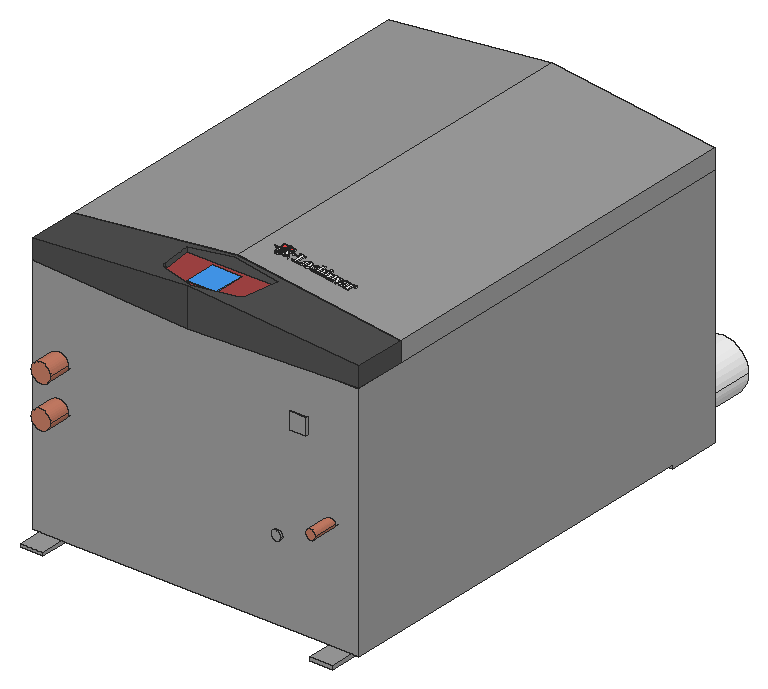
Revit family "602891Knight WHB 055-399 ATS", category Mechanical Equipment, host Face, Revit 2017
Family settings
  Host = Face
  Round Connector Dimension = Use Diameter
  Part Type = Normal
  OmniClass Number = 23.65.35.11
  OmniClass Title = Supply Water Heaters
  Cut with Voids When Loaded = No
  Shared = Yes
  Room Calculation Point = No
Parameters (values of type "WHB399N")
  Water Diameter = if(Water Connection, Cold Water Connection Diameter, 0")  # 1 1/2"
  Water Connection = yes
  Warranty Information = "15-Year Limited Warranty, 5-Year Limited Parts Warranty"  # constant formula
  Voltage = 120 V  # constant formula
  URL = "http://www.lochinvar.com/"
  Type Comments = ""
  Total Heating Capacity = 377000.0 Btu/h
  Top Water Height = if(Water Connection, 18 7/8", 9")  # 18 7/8"
  Shipping Weight = 213 lbf
  Product Page URL = "http://www.lochinvar.com/products/default.aspx?type=productline&lineid=244"
  Product Documentation Link = "http://www.lochinvar.com/_linefiles/KHBWHB%20-02.pdf"
  Price = "Prices may vary. Please consult Manufacturer Representative for most up-to-date price list."  # constant formula
  Phase = 1
  N = 23"
  Model = "WHB399N"
  Material = "Metal-Lochinvar-Steel"  # constant formula
  Manufacturer = "Lochinvar"  # constant formula
  M = L  # 2"
  L = 2"
  K = 9 1/4"
  J = 12 1/2"
  I = 8 3/4"
  Hot Water Connection Diameter = 1 1/2"
  Hot Water Connection Description = if(Water Diameter < 3/4", " ", if(Water Diameter < 1 1/8", "Top Hot Water Connection Outlet 1'' NPT", if(Water Diameter < 1 3/8", "Top Hot Water Connection Outlet 1-1/4'' NPT", "Top Hot Water Connection Outlet 1-1/2'' NPT")))  # "Top Hot Water Connection Outlet 1-1/2'' NPT"
  Hood Width = A  # 43 5/8"
  H = 3 7/8"
  Gas Supply Connection Diameter = 3/4"
  Gas Connection Description = "Gas Supply Connection 3/4\""
  G = 23"
  Fuel Type = "Natural Gas"
  Frequency = 60 Hz  # constant formula
  F = 4 1/4"
  Exhaust Air Connection Diameter = 4"
  Exhaust Air Connection Description = "Exhaust Air Connection 4\""
  E = 3 1/8"
  Drain Connection Diameter = 3/4"  # constant formula
  Bottom Water Height = if(Water Connection, 18 7/8", 9")  # 18 7/8"
  Bottom Hot Water Description = if(Water Diameter < 3/4", " ", if(Water Diameter < 1 1/8", "Bottom Hot Water Connection Outlet 1'' NPT", if(Water Diameter < 1 3/8", "Bottom Hot Water Connection Outlet 1-1/4'' NPT", "Bottom Hot Water Connection Outlet 1-1/2'' NPT")))  # "Bottom Hot Water Connection Outlet 1-1/2'' NPT"
  Bottom Cold Water Description = if(Water Diameter < 3/4", " ", if(Water Diameter < 1 1/8", "Bottom Cold Water Connection Inlet 1'' NPT", if(Water Diameter < 1 3/8", "Bottom Cold Water Connection Inlet 1-1/4'' NPT", "Bottom Cold Water Connection Inlet 1-1/2'' NPT")))  # "Bottom Cold Water Connection Inlet 1-1/2'' NPT"
  Air Intake Connection Description = "Air Intake Connection 4\""
  Description = "Knight Fire Tube Boiler"  # constant formula
  Default Elevation = 0"
  D = 34 3/8"
  Creation Date = "12/17/2018"  # constant formula
  Cold Water Connection Diameter = Hot Water Connection Diameter  # 1 1/2"
  Cold Water Connection Description = if(Water Diameter < 3/4", " ", if(Water Diameter < 1 1/8", "Top Cold Water Connection Inlet 1'' NPT", if(Water Diameter < 1 3/8", "Top Cold Water Connection Inlet 1-1/4'' NPT", "Top Cold Water Connection Inlet 1-1/2'' NPT")))  # "Top Cold Water Connection Inlet 1-1/2'' NPT"
  C = 21 7/8"
  B = 25 1/4"
  Assembly Code = "D3020100"
  Air Intake Connection Diameter = Exhaust Air Connection Diameter  # 4"
  ASME Tank Construction = yes
  A = 43 5/8"
Types (15): name | Water Diameter | Total Heating Capacity | Shipping Weight | N | Model | M | L | K | J | I | Hot Water Connection Diameter | Hot Water Connection Description | Hood Width | H | Gas Supply Connection Diameter | Gas Connection Description | G | Fuel Type | F | Exhaust Air Connection Diameter | Exhaust Air Connection Description | E | Bottom Hot Water Description | Bottom Cold Water Description | Air Intake Connection Description | D | Cold Water Connection Diameter | Cold Water Connection Description | C | B | Air Intake Connection Diameter | A
  (no name) | 1 1/2" | 377000.0 Btu/h | 213 lbf | 23" | "WHB399N" | 2" | 2" | 9 1/4" | 12 1/2" | 8 3/4" | 1 1/2" | "Top Hot Water Connection Outlet 1-1/2'' NPT" | 43 5/8" | 3 7/8" | 3/4" | "Gas Supply Connection 3/4\"" | 23" | "Natural Gas" | 4 1/4" | 4" | "Exhaust Air Connection 4\"" | 3 1/8" | "Bottom Hot Water Connection Outlet 1-1/2'' NPT" | "Bottom Cold Water Connection Inlet 1-1/2'' NPT" | "Air Intake Connection 4\"" | 34 3/8" | 1 1/2" | "Top Cold Water Connection Inlet 1-1/2'' NPT" | 21 7/8" | 25 1/4" | 4" | 43 5/8"
  WHB055N | 1" | 51000.0 Btu/h | 139 lbf | 6" | "WHB055N" | 1 1/2" | 1 1/2" | 3 1/2" | 8 7/8" | 7 1/4" | 1" | "Top Hot Water Connection Outlet 1'' NPT" | 40" | 6 1/2" | 1/2" | "Gas Supply Connection 1/2\"" | 4 1/2" | "Natural Gas" | 3 3/4" | 2" | "Exhaust Air Connection 2\"" | 8 1/2" | "Bottom Hot Water Connection Outlet 1'' NPT" | "Bottom Cold Water Connection Inlet 1'' NPT" | "Air Intake Connection 2\"" | 31 1/8" | 1" | "Top Cold Water Connection Inlet 1'' NPT" | 16" | 18 3/4" | 2" | 40"
  WHB085N | 1" | 79000.0 Btu/h | 142 lbf | 6" | "WHB085N" | 1 1/2" | 1 1/2" | 3 1/2" | 8 7/8" | 7 1/4" | 1" | "Top Hot Water Connection Outlet 1'' NPT" | 39 3/4" | 6 1/2" | 1/2" | "Gas Supply Connection 1/2\"" | 4 1/2" | "Natural Gas" | 3 3/4" | 2" | "Exhaust Air Connection 2\"" | 8 1/2" | "Bottom Hot Water Connection Outlet 1'' NPT" | "Bottom Cold Water Connection Inlet 1'' NPT" | "Air Intake Connection 2\"" | 31 1/8" | 1" | "Top Cold Water Connection Inlet 1'' NPT" | 16" | 18 3/4" | 2" | 39 3/4"
  WHB110N | 1" | 102000.0 Btu/h | 159 lbf | 4 1/2" | "WHB110N" | 1" | 1" | 5" | 8 1/2" | 11 1/2" | 1" | "Top Hot Water Connection Outlet 1'' NPT" | 41 1/4" | 5 1/4" | 1/2" | "Gas Supply Connection 1/2\"" | 5" | "Natural Gas" | 2 3/4" | 3" | "Exhaust Air Connection 3\"" | 10" | "Bottom Hot Water Connection Outlet 1'' NPT" | "Bottom Cold Water Connection Inlet 1'' NPT" | "Air Intake Connection 3\"" | 31 1/8" | 1" | "Top Cold Water Connection Inlet 1'' NPT" | 19" | 18 3/4" | 3" | 41 1/4"
  WHB155N | 1" | 144000.0 Btu/h | 166 lbf | 4 1/2" | "WHB155N" | 1" | 1" | 5" | 8 1/2" | 11 1/2" | 1" | "Top Hot Water Connection Outlet 1'' NPT" | 41 1/4" | 5 1/4" | 1/2" | "Gas Supply Connection 1/2\"" | 5" | "Natural Gas" | 2 3/4" | 3" | "Exhaust Air Connection 3\"" | 10" | "Bottom Hot Water Connection Outlet 1'' NPT" | "Bottom Cold Water Connection Inlet 1'' NPT" | "Air Intake Connection 3\"" | 31 1/8" | 1" | "Top Cold Water Connection Inlet 1'' NPT" | 19 1/8" | 18 3/4" | 3" | 41 1/4"
  WHB199N | 1 1/4" | 184000.0 Btu/h | 175 lbf | 4 1/2" | "WHB199N" | 1 1/2" | 1 1/2" | 6 1/4" | 9 1/2" | 11" | 1 1/4" | "Top Hot Water Connection Outlet 1-1/4'' NPT" | 41 1/4" | 6" | 1/2" | "Gas Supply Connection 1/2\"" | 5 1/4" | "Natural Gas" | 3" | 3" | "Exhaust Air Connection 3\"" | 10 1/2" | "Bottom Hot Water Connection Outlet 1-1/4'' NPT" | "Bottom Cold Water Connection Inlet 1-1/4'' NPT" | "Air Intake Connection 3\"" | 31 1/8" | 1 1/4" | "Top Cold Water Connection Inlet 1-1/4'' NPT" | 19 1/8" | 18 3/4" | 3" | 41 1/4"
  WHB285N | 1 1/4" | 264000.0 Btu/h | 184 lbf | 6 1/2" | "WHB285N" | 1 1/2" | 1 1/2" | 6 1/4" | 11" | 12 1/4" | 1 1/4" | "Top Hot Water Connection Outlet 1-1/4'' NPT" | 41 3/4" | 5 1/4" | 1/2" | "Gas Supply Connection 1/2\"" | 3 3/4" | "Natural Gas" | 3" | 3" | "Exhaust Air Connection 3\"" | 15" | "Bottom Hot Water Connection Outlet 1-1/4'' NPT" | "Bottom Cold Water Connection Inlet 1-1/4'' NPT" | "Air Intake Connection 3\"" | 31 1/8" | 1 1/4" | "Top Cold Water Connection Inlet 1-1/4'' NPT" | 21 1/8" | 18 3/4" | 3" | 41 3/4"
  WHB399N | 1 1/2" | 377000.0 Btu/h | 213 lbf | 23" | "WHB399N" | 2" | 2" | 9 1/4" | 12 1/2" | 8 3/4" | 1 1/2" | "Top Hot Water Connection Outlet 1-1/2'' NPT" | 43 5/8" | 3 7/8" | 3/4" | "Gas Supply Connection 3/4\"" | 23" | "Natural Gas" | 4 1/4" | 4" | "Exhaust Air Connection 4\"" | 3 1/8" | "Bottom Hot Water Connection Outlet 1-1/2'' NPT" | "Bottom Cold Water Connection Inlet 1-1/2'' NPT" | "Air Intake Connection 4\"" | 34 3/8" | 1 1/2" | "Top Cold Water Connection Inlet 1-1/2'' NPT" | 21 7/8" | 25 1/4" | 4" | 43 5/8"
  WHB055L | 1" | 51000.0 Btu/h | 139 lbf | 6" | "WHB055L" | 1 1/2" | 1 1/2" | 3 1/2" | 8 7/8" | 7 1/4" | 1" | "Top Hot Water Connection Outlet 1'' NPT" | 40" | 6 1/2" | 1/2" | "Gas Supply Connection 1/2\"" | 4 1/2" | "LP Gas" | 3 3/4" | 2" | "Exhaust Air Connection 2\"" | 8 1/2" | "Bottom Hot Water Connection Outlet 1'' NPT" | "Bottom Cold Water Connection Inlet 1'' NPT" | "Air Intake Connection 2\"" | 31 1/8" | 1" | "Top Cold Water Connection Inlet 1'' NPT" | 16" | 18 3/4" | 2" | 40"
  WHB085L | 1" | 79000.0 Btu/h | 142 lbf | 6" | "WHB085L" | 1 1/2" | 1 1/2" | 3 1/2" | 8 7/8" | 7 1/4" | 1" | "Top Hot Water Connection Outlet 1'' NPT" | 39 3/4" | 6 1/2" | 1/2" | "Gas Supply Connection 1/2\"" | 4 1/2" | "LP Gas" | 3 3/4" | 2" | "Exhaust Air Connection 2\"" | 8 1/2" | "Bottom Hot Water Connection Outlet 1'' NPT" | "Bottom Cold Water Connection Inlet 1'' NPT" | "Air Intake Connection 2\"" | 31 1/8" | 1" | "Top Cold Water Connection Inlet 1'' NPT" | 16" | 18 3/4" | 2" | 39 3/4"
  WHB110L | 1" | 102000.0 Btu/h | 159 lbf | 4 1/2" | "WHB110L" | 1" | 1" | 5" | 8 1/2" | 11 1/2" | 1" | "Top Hot Water Connection Outlet 1'' NPT" | 41 1/4" | 5 1/4" | 1/2" | "Gas Supply Connection 1/2\"" | 5" | "LP Gas" | 2 3/4" | 3" | "Exhaust Air Connection 3\"" | 10" | "Bottom Hot Water Connection Outlet 1'' NPT" | "Bottom Cold Water Connection Inlet 1'' NPT" | "Air Intake Connection 3\"" | 31 1/8" | 1" | "Top Cold Water Connection Inlet 1'' NPT" | 19" | 18 3/4" | 3" | 41 1/4"
  WHB155L | 1" | 144000.0 Btu/h | 166 lbf | 4 1/2" | "WHB155L" | 1" | 1" | 5" | 8 1/2" | 11 1/2" | 1" | "Top Hot Water Connection Outlet 1'' NPT" | 41 1/4" | 5 1/4" | 1/2" | "Gas Supply Connection 1/2\"" | 5" | "LP Gas" | 2 3/4" | 3" | "Exhaust Air Connection 3\"" | 10" | "Bottom Hot Water Connection Outlet 1'' NPT" | "Bottom Cold Water Connection Inlet 1'' NPT" | "Air Intake Connection 3\"" | 31 1/8" | 1" | "Top Cold Water Connection Inlet 1'' NPT" | 19 1/8" | 18 3/4" | 3" | 41 1/4"
  WHB199L | 1 1/4" | 184000.0 Btu/h | 175 lbf | 4 1/2" | "WHB199L" | 1 1/2" | 1 1/2" | 6 1/4" | 9 1/2" | 11" | 1 1/4" | "Top Hot Water Connection Outlet 1-1/4'' NPT" | 41 1/4" | 6" | 1/2" | "Gas Supply Connection 1/2\"" | 5 1/4" | "LP Gas" | 3" | 3" | "Exhaust Air Connection 3\"" | 10 1/2" | "Bottom Hot Water Connection Outlet 1-1/4'' NPT" | "Bottom Cold Water Connection Inlet 1-1/4'' NPT" | "Air Intake Connection 3\"" | 31 1/8" | 1 1/4" | "Top Cold Water Connection Inlet 1-1/4'' NPT" | 19 1/8" | 18 3/4" | 3" | 41 1/4"
  WHB285L | 1 1/4" | 264000.0 Btu/h | 184 lbf | 6 1/2" | "WHB285L" | 1 1/2" | 1 1/2" | 6 1/4" | 11" | 12 1/4" | 1 1/4" | "Top Hot Water Connection Outlet 1-1/4'' NPT" | 41 3/4" | 5 1/4" | 1/2" | "Gas Supply Connection 1/2\"" | 3 3/4" | "LP Gas" | 3" | 3" | "Exhaust Air Connection 3\"" | 15" | "Bottom Hot Water Connection Outlet 1-1/4'' NPT" | "Bottom Cold Water Connection Inlet 1-1/4'' NPT" | "Air Intake Connection 3\"" | 31 1/8" | 1 1/4" | "Top Cold Water Connection Inlet 1-1/4'' NPT" | 21 1/8" | 18 3/4" | 3" | 41 3/4"
  WHB399L | 1 1/2" | 377000.0 Btu/h | 213 lbf | 23" | "WHB399L" | 2" | 2" | 9 1/4" | 12 1/2" | 8 3/4" | 1 1/2" | "Top Hot Water Connection Outlet 1-1/2'' NPT" | 43 5/8" | 3 7/8" | 3/4" | "Gas Supply Connection 3/4\"" | 23" | "LP Gas" | 4 1/4" | 4" | "Exhaust Air Connection 4\"" | 3 1/8" | "Bottom Hot Water Connection Outlet 1-1/2'' NPT" | "Bottom Cold Water Connection Inlet 1-1/2'' NPT" | "Air Intake Connection 4\"" | 34 3/8" | 1 1/2" | "Top Cold Water Connection Inlet 1-1/2'' NPT" | 21 7/8" | 25 1/4" | 4" | 43 5/8"
Reference planes (in)
  plane 1 "Center (Front/Back)": y = 0
  plane 2: z = 0
  plane 3 "Center (Left/Right)": x = 0
  plane 4: z = 21.875
  plane 5: z = 12.5
  plane 6: z = 8.75
  plane 7: z = 9.25
  plane 8: x = -10.625
  plane 9: x = -10.625
  plane 10: y = 34.375
  plane 11: y = 43.625
  plane 12: z = 4.25
  plane 13: x = 10.375
  plane 14: z = 3.125
  plane 15: y = 37.88155
  plane 16: y = 3.99225
  plane 17: z = 21.19094
  plane 18: x = 10.375
  plane 19: x = -8.75
  plane 20: x = -12.625
  plane 21: x = 12.625
  plane 22: x = -12.625
  plane 23: y = 17.1875
  plane 24: y = 36.0625
  plane 25: y = -1.6875
  plane 26: x = 6.3125
  plane 27: z = 6.5
  plane 28: y = 5.99225
Forms (in)
  Extrusion 1, solid, material "Copper-Lochinvar-Polished"
    sketch origin (0, 0, 0) x (1, 0, 0) y (0, 0, 1)
      loop
        circle (-10.625, 12.5) r 0.75
    from -36.0625 to 1.6875
  Extrusion 2, solid, material "Copper-Lochinvar-Polished"
    sketch origin (0, 0, 0) x (1, 0, 0) y (0, 0, 1)
      loop
        circle (10.375, 8.75) r 0.375
    from -6.05599 to 1.86677
  Extrusion 3, solid, material "Metal-Lochinvar-Steel"
    sketch origin (0, 0, 0) x (1, 0, 0) y (0, 0, 1)
      loop
        line (-12.625, 18.875) -> (12.625, 18.875) -> (12.625, 20.375) -> (0, 21.875) -> (-12.625, 20.375) -> (-12.625, 18.875)
    from -34.375 to -4.0235
  Extrusion 4, solid, material "Metal-Lochinvar-Steel"
    sketch origin (0, 0, 0) x (1, 0, 0) y (0, 0, 1)
      loop
        line (-12.06755, 0) -> (-10.31755, 0) -> (-10.31755, 0.25) -> (-12.06755, 0.25) -> (-12.06755, 0)
      loop
        line (12.0625, 0) -> (12.0625, 0.25) -> (10.3125, 0.25) -> (10.3125, 0) -> (12.0625, 0)
    from -1.86677 to 1.86677
  Extrusion 5, solid, material "Metal-Lochinvar-Steel"
    sketch origin (0, 0, 0) x (1, 0, 0) y (0, 0, 1)
      loop
        line (12.625, 0.25) -> (12.625, 18.84375) -> (-12.625, 18.84375) -> (-12.625, 0.25) -> (12.625, 0.25)
    from -34.375 to 0
  Extrusion 6, solid, material "PVC-Lochinvar-White"
    sketch origin (0, 0, 0) x (1, 0, 0) y (0, 0, 1)
      loop
        circle (10.375, 3.125) r 2
    from -37.88155 to -34.375
  Extrusion 7, solid, material "PVC-Lochinvar-White"
    sketch origin (0, 0, 0) x (1, 0, 0) y (0, 0, 1)
      loop
        circle (-8.75, 4.25) r 2
    from -37.88155 to -34.375
  Extrusion 8, solid, material "Metal-Lochinvar-Steel"
    sketch origin (0, 0, 0) x (1, 0, 0) y (0, 0, 1)
      loop
        line (7.36569, 15.46511) -> (7.36569, 14.21511) -> (8.61569, 14.21511) -> (8.61569, 15.46511) -> (7.36569, 15.46511)
    from 0 to 0.12684
  Extrusion 9, solid, material "Metal-Lochinvar-Steel"
    sketch origin (0, 0, 0) x (0, 1, 0) y (0, 0, 1)
      loop
        line (34.375, 0.25) -> (30.29793, 0.25) -> (30.29793, 0) -> (34.375, 0) -> (34.375, 0.25)
    from -12.625 to 12.625
  Extrusion 10, solid, material "Plastic-Lochinvar-Black"
    sketch origin (0, 0, 0) x (1, 0, 0) y (0, 0, 1)
      loop
        line (0, 21.875) -> (-12.625, 20.375) -> (-12.625, 18.875) -> (12.625, 18.875) -> (12.625, 20.375) -> (0, 21.875)
    from -3.99225 to 1.86677
  Extrusion 11, void
    sketch origin (0, 0, 0) x (1, 0, 0) y (0, 1, 0)
      loop
        line (-12.625, 0) -> (-12.625, -1.86677) -> (12.625, -1.86677) -> (12.625, 0) -> (0, -0.82021) -> (-12.625, 0)
    from 18.875 to 21.875
  Blend 12, void
    base sketch origin (0, 0, 0) x (1, 0, 0) y (0, 1, 0)
      loop
        line (-3.41902, 3.40254) -> (-3.07932, 0.98538)
        arc (-3.07932, 0.98538) -> (-2.99294, 0.78673) -> (-2.81659, 0.66094) r 0.40528
        line (-2.81659, 0.66094) -> (0, -0.36421) -> (2.81596, 0.66074)
        arc (2.81596, 0.66074) -> (2.99273, 0.78683) -> (3.07932, 0.98596) r 0.40625
        line (3.07932, 0.98596) -> (3.41902, 3.40254) -> (-3.41902, 3.40254)
    top sketch origin (0, 0, 0) x (1, 0, 0) y (0, 1, 0)
      loop
        line (-3.70662, 3.65254) -> (-3.32688, 0.95059)
        arc (-3.32688, 0.95059) -> (-3.18723, 0.6294) -> (-2.9021, 0.42602) r 0.65528
        line (-2.9021, 0.42602) -> (0, -0.63026) -> (2.90148, 0.42582)
        arc (2.90148, 0.42582) -> (3.18702, 0.6295) -> (3.32688, 0.95114) r 0.65625
        line (3.32688, 0.95114) -> (3.70663, 3.65254) -> (-3.70662, 3.65254)
    from 21.19094 to 21.875
  Extrusion 13, solid, material "Paint-Lochinvar-Blue"
    sketch origin (0, 0, 0) x (1, 0, 0) y (0, 1, 0)
      loop
        line (-1.12896, 3.04091) -> (-1.12896, 0.54091) -> (1.12896, 0.54091) -> (1.12896, 3.04091) -> (-1.12896, 3.04091)
    from 21.19094 to 21.22261
  Extrusion 14, solid, material "Copper-Lochinvar-Polished"
    sketch origin (0, 0, -6) x (1, 0, 0) y (0, 0, 1)
      loop
        circle (-10.625, 15.25) r 0.75
    from -36.0625 to 1.6875
  Extrusion 15, solid, material "Metal-Lochinvar-Steel"
    sketch origin (0, 0, 0) x (1, 0, 0) y (0, 0, 1)
      loop
        circle (6.3125, 6.5) r 0.375
    from -17.1875 to 0.12684
  Extrusion 16, solid, material "Metal-Lochinvar-Steel"
    sketch origin (0, 0, 0) x (1, 0, 0) y (0, 0, 1)
      loop
        line (-6.72505, 5.07569) -> (-6.72505, 2.18507) -> (-10.77495, 2.18507) -> (-10.77495, 5.07569) -> (-10.89995, 5.07569) -> (-10.89995, 2.06007) -> (-6.60005, 2.06007) -> (-6.60005, 5.07569) -> (-6.72505, 5.07569)
    from -43.625 to -34.375
Cuts and joins
  Extrusion 11 cuts Extrusion 1
  Extrusion 11, Blend 12 cuts Extrusion 2
  Extrusion 11, Blend 12 cuts Extrusion 10
  Extrusion 11 cuts Extrusion 4
  Blend 12 cuts Extrusion 5
  Extrusion 11 cuts Extrusion 8
  joined: Extrusion 3, Extrusion 4, Extrusion 5, Extrusion 8, Extrusion 9, Extrusion 15, Extrusion 16
Lines and regions (in)
  Masking region 1
    outline origin (0, 0, 0) x (1, 0, 0) y (0, 0, 1)
      loop
        line (12.625, 0) -> (12.625, 20.375) -> (0, 21.875) -> (-12.625, 20.375) -> (-12.625, 0) -> (12.625, 0)
  symbolic lines, visible <- "Water Connection", detail levels medium+fine
    curve 1: circle (-10.625, 0, 12.5) r 0.75 normal (0, -1, 0)
    curve 2: circle (-10.625, 0, 9.25) r 0.75 normal (0, -1, 0)
  symbolic lines, detail levels medium+fine
    curve 3: line (12.625, 0, 18.875) -> (-12.625, 0, 18.875)
    curve 4: line (-6.72505, 0, 5.07569) -> (-6.72505, 0, 2.18507)
    curve 5: line (-6.60005, 0, 2.06007) -> (-6.60005, 0, 5.07569)
    curve 6: line (-6.72505, 0, 2.18507) -> (-10.77495, 0, 2.18507)
    curve 7: line (-10.89995, 0, 2.06007) -> (-6.60005, 0, 2.06007)
    curve 8: line (-10.89995, 0, 5.07569) -> (-10.89995, 0, 2.06007)
    curve 9: line (-10.77495, 0, 2.18507) -> (-10.77495, 0, 5.07569)
    curve 10: line (-6.60005, 0, 5.07569) -> (-6.72505, 0, 5.07569)
    curve 11: line (-10.77495, 0, 5.07569) -> (-10.89995, 0, 5.07569)
    curve 13: circle (10.375, 0, 3.125) r 2 normal (0, -1, 0)
    curve 14: circle (-8.75, 0, 4.25) r 2 normal (0, -1, 0)
    curve 15: line (12.625, 0, 0.25) -> (-12.625, 0, 0.25)
  symbolic lines, detail levels fine
    curve 12: line (0, 0, 21.875) -> (0, 0, 18.875)
Dimensions and locks (in)
  "C": plane 4 to level
  "K": plane 7 to level
  "I": plane 6 to level
  "J": plane 5 to level
  locked: plane 4 to Extrusion 3 sketch curve at 3
  locked: plane 4 to Extrusion 3 sketch curve at 1.5  (x2)
  locked: Extrusion 4 sketch curve to Extrusion 4 sketch curve at 1.75  (x2)
  locked: Extrusion 4 sketch curve to level at 0.25
  equal spacing: Extrusion 4, plane 1 "Center (Front/Back)", Extrusion 4
  locked: Extrusion 4 to Extrusion 4 at 3.73355
  "D": plane 10 to plane 1 "Center (Front/Back)"
  "A": plane 1 "Center (Front/Back)" to plane 11
  locked: Extrusion 3 to Extrusion 5 sketch curve at 0.03125
  "F": level to plane 12
  "E": level to plane 14
  locked: plane 15 to plane 10 at 3.50655
  locked: Extrusion 8 sketch curve to Extrusion 8 sketch curve at 1.25  (x2)
  locked: plane 4 to Extrusion 8 sketch curve at 6.40989
  locked: Extrusion 8 to plane 1 "Center (Front/Back)" at 0.12684
  locked: plane 10 to Extrusion 9 sketch curve at 4.07707
  locked: Extrusion 3 to plane 16 at 0.03125
  locked: Extrusion 10 to Extrusion 11 sketch curve at 1.04657
  locked: Blend 12 sketch curve to plane 16 at 0.58972
  locked: plane 4 to plane 17 at 0.68406
  equal spacing: Blend 12 sketch curve, plane 3 "Center (Left/Right)", Blend 12 sketch curve  (x2)
  locked: Blend 12 sketch curve to Blend 12 sketch curve at 6.83805
  locked: Blend 12 sketch curve to Blend 12 sketch curve at 6.15863
  locked: Blend 12 sketch curve to plane 1 "Center (Front/Back)" at 0.36421
  locked: plane 1 "Center (Front/Back)" to Blend 12 sketch curve at 0.66094
  locked: plane 1 "Center (Front/Back)" to Blend 12 sketch curve at 0.66074
  locked: var sketch to Blend 12 sketch curve at 0.25  (x3)
  locked: Blend 12 sketch curve to var sketch at 0.25  (x2)
  equal spacing: Extrusion 13 sketch curve, plane 3 "Center (Left/Right)", Extrusion 13 sketch curve
  locked: Extrusion 13 sketch curve to Extrusion 13 sketch curve at 2.25792
  locked: Extrusion 13 sketch curve to Extrusion 13 sketch curve at 2.5
  locked: Extrusion 13 sketch curve to plane 16 at 0.95134
  locked: Extrusion 13 to plane 17 at 0.03167
  "N": plane 20 to plane 18
  "H": plane 20 to plane 19
  "M": plane 20 to plane 9
  "L": plane 20 to plane 8
  "G": plane 20 to plane 13
  "B": plane 21 to plane 22
  equal spacing: plane 21, plane 3 "Center (Left/Right)", plane 22
  locked: Extrusion 8 sketch curve to plane 3 "Center (Left/Right)" at 7.36569
  equal spacing: plane 10, plane 23, plane 1 "Center (Front/Back)"
  "Bottom Water Height": plane 23 to plane 25
  "Top Water Height": plane 24 to plane 23
  locked: plane 21 to Extrusion 4 sketch curve at 0.5625
  equal spacing: plane 21, plane 26, plane 3 "Center (Left/Right)"
  cut or joined group of Extrusion 10, Extrusion 11, Blend 12 to plane 27 to level = 12 3/8", 6 1/2"
  equal spacing: Extrusion 16 sketch curve, plane 19, Extrusion 16 sketch curve
  Extrusion 16 sketch curve to Extrusion 16 sketch curve = 4.0499"
  locked: Extrusion 16 sketch curve to Extrusion 16 sketch curve at 0.125  (x3)
  locked: Extrusion 16 sketch curve to plane 12 at 2.06493
  locked: plane 28 to plane 1 "Center (Front/Back)" at 5.99225
  locked: nested 1 to plane 4 at 1.43039
  locked: plane 3 "Center (Left/Right)" to nested 1 at 4.38839
  "Cold Water Connection Diameter": diameter of Extrusion 1 sketch curve
  "Gas Supply Connection Diameter": diameter of Extrusion 2 sketch curve
  "Air Intake Connection Diameter": diameter of Extrusion 6 sketch curve
  "Exhaust Air Connection Diameter": diameter of Extrusion 7 sketch curve
  radius of Blend 12 sketch curve = 0.40528"
  radius of Blend 12 sketch curve = 13/32"
  radius of Blend 12 sketch curve = 0.65528"
  radius of Blend 12 sketch curve = 21/32"
  "Cold Water Connection Diameter": diameter of Extrusion 14 sketch curve
  "Drain Connection Diameter": diameter of Extrusion 15 sketch curve
  aligned and locked: plane 2 to host face
  aligned and locked: level to host face
  aligned and locked: plane 8 to Extrusion 1 sketch curve
  aligned and locked: plane 5 to Extrusion 1 sketch curve
  aligned and locked: plane 6 to Extrusion 2 sketch curve
  aligned and locked: plane 3 "Center (Left/Right)" to Extrusion 3 sketch curve
  aligned and locked: plane 4 to Extrusion 3 sketch curve
  aligned and locked: level to Extrusion 4 sketch curve
  aligned and locked: Extrusion 4 sketch curve to Extrusion 4 sketch curve  (x2)
  aligned and locked: plane 10 to Extrusion 5
  aligned and locked: plane 1 "Center (Front/Back)" to Extrusion 5
  aligned and locked: plane 10 to Extrusion 3
  aligned and locked: Extrusion 5 sketch curve to Extrusion 4
  aligned and locked: Extrusion 6 sketch curve to plane 13
  aligned and locked: plane 14 to Extrusion 6 sketch curve
  aligned and locked: plane 12 to Extrusion 7 sketch curve
  aligned and locked: Extrusion 7 to plane 10
  aligned and locked: Extrusion 6 to plane 10
  aligned and locked: Extrusion 6 to plane 15
  aligned and locked: plane 15 to Extrusion 7
  aligned and locked: Extrusion 8 to plane 1 "Center (Front/Back)"
  aligned and locked: Extrusion 9 sketch curve to Extrusion 5  (x2)
  aligned and locked: Extrusion 9 sketch curve to level
  aligned and locked: Extrusion 10 sketch curve to Extrusion 3  (x5)
  aligned and locked: Extrusion 10 to plane 16
  aligned and locked: Extrusion 2 to Extrusion 10
  aligned and locked: plane 1 "Center (Front/Back)" to Extrusion 11 sketch curve  (x2)
  aligned and locked: plane 3 "Center (Left/Right)" to Extrusion 11 sketch curve
  aligned and locked: Extrusion 10 to Extrusion 11
  aligned and locked: plane 4 to Extrusion 11
  aligned and locked: plane 3 "Center (Left/Right)" to Blend 12 sketch curve
  aligned and locked: Blend 12 to plane 17
  aligned and locked: plane 4 to Blend 12
  aligned and locked: Extrusion 13 to plane 17
  aligned and locked: plane 18 to Extrusion 2 sketch curve
  aligned and locked: plane 19 to Extrusion 7 sketch curve
  aligned and locked: plane 20 to plane 22
  aligned and locked: Extrusion 3 sketch curve to plane 21
  aligned and locked: plane 22 to Extrusion 3 sketch curve
  aligned and locked: Extrusion 5 sketch curve to plane 21
  aligned and locked: Extrusion 5 sketch curve to plane 22
  aligned and locked: plane 21 to Extrusion 11 sketch curve
  aligned and locked: plane 7 to Extrusion 14 sketch curve
  aligned and locked: Extrusion 14 sketch curve to plane 8
  aligned and locked: cut or joined group 1 (Extrusion 3, Extrusion 4, Extrusion 5, Extrusion 8, Extrusion 9, Extrusion 11, Blend 12, Extrusion 15, Extrusion 16) to cut or joined group 1  (x2)
  aligned and locked: Extrusion 14 to plane 25
  aligned and locked: cut or joined group of Extrusion 1, Extrusion 11 to plane 25
  aligned and locked: plane 24 to cut or joined group of Extrusion 1, Extrusion 11
  aligned and locked: plane 24 to Extrusion 14
  aligned and locked: plane 26 to Extrusion 15 sketch curve
  aligned and locked: plane 27 to Extrusion 15 sketch curve
  aligned and locked: plane 23 to Extrusion 15
  aligned and locked: Extrusion 15 to cut or joined group 1
  aligned and locked: plane 11 to Extrusion 16
  aligned and locked: Extrusion 16 to plane 10
  aligned and locked: curve 2 to Extrusion 14
  aligned and locked: curve 1 to cut or joined group of Extrusion 1, Extrusion 11
  aligned and locked: Masking region 1 sketch curve to cut or joined group 1  (x5)
  aligned and locked: curve 3 to cut or joined group 1
  aligned and locked: cut or joined group 1 to curve 3
  aligned and locked: cut or joined group of Extrusion 10, Extrusion 11, Blend 12 to cut or joined group 1
  aligned and locked: curve 4 to cut or joined group 1
  aligned and locked: curve 5 to cut or joined group 1
  aligned and locked: curve 6 to cut or joined group 1
  aligned and locked: curve 7 to cut or joined group 1
  aligned and locked: curve 8 to cut or joined group 1
  aligned and locked: curve 9 to cut or joined group 1
  aligned and locked: curve 10 to cut or joined group 1
  aligned and locked: curve 11 to cut or joined group 1
  aligned and locked: curve 12 to cut or joined group of Extrusion 10, Extrusion 11, Blend 12  (x2)
  aligned and locked: cut or joined group 1 to curve 12
  aligned and locked: curve 14 to Extrusion 7
  aligned and locked: curve 13 to Extrusion 6
  aligned and locked: cut or joined group 1 to curve 15  (x2)
  aligned and locked: curve 15 to cut or joined group 1
  aligned and locked: plane 28 to nested 1
  aligned and locked: nested 1 to plane 28
Automatic sketch dimensions
  host sketch curve to host sketch curve = 73.34052"
  host sketch curve to host sketch curve = 85.74171"
  Extrusion 4 sketch curve to plane 20 = 0.55745"
  Extrusion 11 sketch curve to plane 20 = 0"
  plane 1 "Center (Front/Back)" to Extrusion 11 sketch curve = 1.86677"
  Blend 12 sketch curve to plane 1 "Center (Front/Back)" = 0.98538"
  Blend 12 sketch curve to Blend 12 sketch curve = 0.33971"
  Blend 12 sketch curve to Blend 12 sketch curve = 0.26272"
  Blend 12 sketch curve to Blend 12 sketch curve = 0.4023"
  Blend 12 sketch curve to plane 1 "Center (Front/Back)" = 0.95059"
  Blend 12 sketch curve to plane 1 "Center (Front/Back)" = 0.42602"
  Blend 12 sketch curve to plane 1 "Center (Front/Back)" = 0.42582"
  Blend 12 sketch curve to plane 1 "Center (Front/Back)" = 0.95114"
  plane 12 to Extrusion 16 sketch curve = 0.82569"  (x2)
Nested families (in)
  nested 1: "Lochinvar Logo" at (4.2237, 5.99225, 21.42235) x (0.993, 0, -0.118) z (0, 1, 0), type "Lochinvar Logo"
Connectors (in)
  piping at (-10.625, 36.0625, 12.5), diameter 1.5, driven by "Water Diameter", driven by "Cold Water Connection Description"
    settings: on cut or joined group of Extrusion 1, Extrusion 11, index 1, connector inside diameter 24", connector length 0", flow factor 0, pipe flow 0 GPM, pressure drop 0.00 psi, fitting loss kfactor 0, connector angle 0.00°, fixture units 0, engagement length 0", angle of deflection 0.00°, flow configuration 3, flow direction 1, fitting loss method 0, system type 20, joint type 0, gender type 0, connector reference index -1, connector utility 0, adjustable connector no, is connector primary yes, connector description "Top Cold Water Connection Inlet 1-1/2'' NPT"
  piping at (-10.625, 36.0625, 9.25), diameter 1.5, driven by "Water Diameter", driven by "Hot Water Connection Description"
    settings: on Extrusion 14, index 2, connector inside diameter 24", connector length 0", flow factor 0, pipe flow 0 GPM, pressure drop 0.00 psi, fitting loss kfactor 0, connector angle 0.00°, fixture units 0, engagement length 0", angle of deflection 0.00°, flow configuration 3, flow direction 2, fitting loss method 0, system type 19, joint type 0, gender type 0, connector reference index -1, connector utility 0, adjustable connector no, is connector primary no, connector description "Top Hot Water Connection Outlet 1-1/2'' NPT"
  piping at (-10.625, -1.6875, 12.5), diameter 1.5, driven by "Water Diameter", driven by "Bottom Cold Water Description"
    settings: on cut or joined group of Extrusion 1, Extrusion 11, index 3, connector inside diameter 24", connector length 0", flow factor 0, pipe flow 0 GPM, pressure drop 0.00 psi, fitting loss kfactor 0, connector angle 0.00°, fixture units 0, engagement length 0", angle of deflection 0.00°, flow configuration 3, flow direction 1, fitting loss method 0, system type 20, joint type 0, gender type 0, connector reference index -1, connector utility 0, adjustable connector no, is connector primary no, connector description "Bottom Cold Water Connection Inlet 1-1/2'' NPT"
  piping at (-10.625, -1.6875, 9.25), diameter 1.5, driven by "Water Diameter", driven by "Bottom Hot Water Description"
    settings: on Extrusion 14, index 4, connector inside diameter 24", connector length 0", flow factor 0, pipe flow 0 GPM, pressure drop 0.00 psi, fitting loss kfactor 0, connector angle 0.00°, fixture units 0, engagement length 0", angle of deflection 0.00°, flow configuration 3, flow direction 2, fitting loss method 0, system type 19, joint type 0, gender type 0, connector reference index -1, connector utility 0, adjustable connector no, is connector primary no, connector description "Bottom Hot Water Connection Outlet 1-1/2'' NPT"
  hvac at (10.375, 37.88155, 3.125), driven by "Air Intake Connection Diameter", driven by "Air Intake Connection Description"
    settings: on Extrusion 6, index 5, duct flow 0 CFM, flow factor 0, pres drop 0.00 in-wg, loss coef 0, conn angle 0.00°, conn width 12", conn height 12", conn diameter 4", duct sys type 1, conn prof type 0, flow config 0, flow direction 1, loss method 0, conn ref index -1, conn util no, is conn primary yes, conn desc "Air Intake Connection 4\""
  hvac at (-8.75, 37.88155, 4.25), driven by "Exhaust Air Connection Diameter", driven by "Exhaust Air Connection Description"
    settings: on Extrusion 7, index 6, duct flow 0 CFM, flow factor 0, pres drop 0.00 in-wg, loss coef 0, conn angle 0.00°, conn width 12", conn height 12", conn diameter 4", duct sys type 3, conn prof type 0, flow config 0, flow direction 2, loss method 0, conn ref index -1, conn util no, is conn primary no, conn desc "Exhaust Air Connection 4\""
  piping at (10.375, -1.86677, 8.75), diameter 0.75, driven by "Gas Supply Connection Diameter", driven by "Gas Connection Description"
    settings: on cut or joined group of Extrusion 2, Extrusion 11, Blend 12, index 7, connector inside diameter 24", connector length 0", flow factor 0, pipe flow 0 GPM, pressure drop 0.00 psi, fitting loss kfactor 0, connector angle 0.00°, fixture units 0, engagement length 0", angle of deflection 0.00°, flow configuration 0, flow direction 1, fitting loss method 0, system type 29, joint type 0, gender type 0, connector reference index -1, connector utility 0, adjustable connector no, is connector primary no, connector description "Gas Supply Connection 3/4\""
  electrical at (7.99069, -0.12684, 14.84011), driven by "Voltage"
    settings: on cut or joined group 1, index 8, voltage 120 V, apparent load 0 VA, apparent load phase1 0 VA, apparent load phase2 0 VA, apparent load phase3 0 VA, power factor 1, load classification "Other", number of poles 1, system type 30, power factor state 1, is connector primary yes, connector utility no, sub classification motor no, connector description "Power Supply 120V"
  piping at (6.3125, -0.12684, 6.5), diameter 0.75, driven by "Drain Connection Diameter"
    settings: on cut or joined group 1, index 9, connector inside diameter 24", connector length 0", flow factor 0, pipe flow 0 GPM, pressure drop 0.00 psi, fitting loss kfactor 0, connector angle 0.00°, fixture units 0, engagement length 0", angle of deflection 0.00°, flow configuration 0, flow direction 2, fitting loss method 0, system type 29, joint type 0, gender type 0, connector reference index -1, connector utility 0, adjustable connector no, is connector primary no, connector description "Condensate Drain Connection Outlet 3/4\""
Definition of nested family "Lochinvar Logo"
  Parameters
    Model = "American Logo"
    Material = ""
    Manufacturer = "American"
    Description = "Logo"
    Default Elevation = 0"
  Reference planes (in)
    plane 1 "Center (Front/Back)": y = 0
    plane 2: z = 0
    plane 3 "Center (Left/Right)": x = 0
    plane 4: z = -0.22332
    plane 5: x = -3.29042
    plane 6: x = 3.13613
    plane 7: y = -1
  Forms (in)
    Extrusion 1, solid
      sketch origin (-0.17287, 0.25, 8.27541) x (1, 0, 0) y (0, 0, 1)
        loop
          arc (-2.77157, -8.00888) -> (-2.76926, -8.09632) -> (-2.80416, -8.17652) r 0.20185
          arc (-2.80416, -8.17652) -> (-2.75394, -8.23083) -> (-2.71781, -8.29537) r 0.31439
          arc (-2.71781, -8.29537) -> (-2.70384, -8.31285) -> (-2.71099, -8.33405) r 0.02335
          arc (-2.71099, -8.33405) -> (-2.68797, -8.35455) -> (-2.67558, -8.38278) r 0.07229
          arc (-2.67558, -8.38278) -> (-2.66389, -8.36116) -> (-2.66064, -8.3368) r 0.06804
          arc (-2.66064, -8.3368) -> (-2.65548, -8.30637) -> (-2.67166, -8.28008) r 0.04383
          arc (-2.67166, -8.28008) -> (-2.70009, -8.2287) -> (-2.74307, -8.18869) r 0.18669
          arc (-2.74307, -8.18869) -> (-2.73306, -8.09494) -> (-2.77157, -8.00888) r 0.18098
        loop
          line (-2.79716, -7.79386) -> (-3.11755, -7.79386)
          arc (-3.11755, -7.79386) -> (-3.08313, -7.82115) -> (-3.05584, -7.85557) r 0.19127
          arc (-3.05584, -7.85557) -> (-2.96946, -7.87257) -> (-2.8863, -7.84372) r 0.16861
          arc (-2.8863, -7.84372) -> (-2.84828, -7.83344) -> (-2.81207, -7.84891) r 0.06008
          arc (-2.81207, -7.84891) -> (-2.78536, -7.9287) -> (-2.73893, -7.99887) r 0.32264
          arc (-2.73893, -7.99887) -> (-2.69663, -8.08373) -> (-2.70076, -8.17845) r 0.18944
          arc (-2.70076, -8.17845) -> (-2.63373, -8.23489) -> (-2.57276, -8.29781) r 0.86569
          arc (-2.57276, -8.29781) -> (-2.55377, -8.31873) -> (-2.56261, -8.34555) r 0.02804
          arc (-2.56261, -8.34555) -> (-2.53388, -8.37167) -> (-2.50777, -8.4004) r 0.40803
          line (-2.50777, -8.4004) -> (-2.50777, -8.30149) -> (-2.64192, -8.15249)
          arc (-2.64192, -8.15249) -> (-2.63191, -8.10776) -> (-2.60942, -8.06781) r 0.1572
          arc (-2.60942, -8.06781) -> (-2.51963, -8.21913) -> (-2.40815, -8.35525) r 1.16904
          arc (-2.40815, -8.35525) -> (-2.29885, -8.22069) -> (-2.20978, -8.07196) r 1.21655
          arc (-2.20978, -8.07196) -> (-2.10527, -8.11498) -> (-1.99279, -8.12606) r 0.38807
          arc (-1.99279, -8.12606) -> (-2.01815, -8.18729) -> (-2.07938, -8.21265) r 0.08659
          line (-2.07938, -8.21265) -> (-2.07938, -8.1784) -> (-2.13002, -8.20309) -> (-2.13402, -8.26041)
          arc (-2.13402, -8.26041) -> (-2.09774, -8.25316) -> (-2.06076, -8.254) r 0.16857
          line (-2.06076, -8.254) -> (-1.94477, -8.17867) -> (-1.93176, -8.11174)
          arc (-1.93176, -8.11174) -> (-1.89375, -8.11266) -> (-1.85746, -8.1013) r 0.11653
          arc (-1.85746, -8.1013) -> (-1.8218, -8.14331) -> (-1.77979, -8.17897) r 0.3385
          line (-1.77979, -8.17897) -> (-1.78923, -8.26872) -> (-1.69838, -8.32549)
          arc (-1.69838, -8.32549) -> (-1.73427, -8.2509) -> (-1.74907, -8.16946) r 0.30902
          arc (-1.74907, -8.16946) -> (-1.79551, -8.10847) -> (-1.82757, -8.03883) r 0.35014
          arc (-1.82757, -8.03883) -> (-1.89417, -8.03887) -> (-1.95931, -8.02498) r 0.31672
          arc (-1.95931, -8.02498) -> (-1.96519, -7.93644) -> (-1.98695, -7.85042) r 0.48972
          arc (-1.98695, -7.85042) -> (-1.98033, -7.77478) -> (-1.98695, -7.69914) r 0.43535
          line (-1.98695, -7.69914) -> (-1.87891, -7.69914)
          arc (-1.87891, -7.69914) -> (-1.82706, -7.72603) -> (-1.77521, -7.69914) r 0.06344
          line (-1.77521, -7.69914) -> (-1.45874, -7.69914) -> (-1.77707, -7.68246) -> (-1.88972, -7.5698) -> (-1.88972, -7.53573) -> (-1.94948, -7.49543) -> (-1.94948, -7.43516) -> (-1.97704, -7.46272)
          arc (-1.97704, -7.46272) -> (-1.96361, -7.35517) -> (-1.95816, -7.24692) r 1.46672
          arc (-1.95816, -7.24692) -> (-2.40815, -7.20611) -> (-2.85814, -7.24692) r 2.50133
          arc (-2.85814, -7.24692) -> (-2.83074, -7.51021) -> (-2.75645, -7.76428) r 1.46672
          line (-2.75645, -7.76428) -> (-2.79716, -7.79386)
        loop
          arc (-2.40832, -8.30907) -> (-2.31492, -8.18895) -> (-2.23767, -8.05785) r 1.1853
          arc (-2.23767, -8.05785) -> (-2.26716, -8.07424) -> (-2.29413, -8.09452) r 0.24556
          arc (-2.29413, -8.09452) -> (-2.31835, -8.06444) -> (-2.31509, -8.02597) r 0.05188
          line (-2.31509, -8.02597) -> (-2.23066, -7.89086) -> (-2.26106, -7.90133) -> (-2.29434, -7.93461) -> (-2.39661, -7.79386) -> (-2.18846, -7.57064) -> (-2.17948, -7.67331)
          arc (-2.17948, -7.67331) -> (-2.1503, -7.60313) -> (-2.10625, -7.5412) r 0.33972
          arc (-2.10625, -7.5412) -> (-2.06193, -7.50118) -> (-2.01018, -7.4714) r 0.282
          arc (-2.01018, -7.4714) -> (-1.99664, -7.37255) -> (-1.99, -7.27301) r 1.43547
          arc (-1.99, -7.27301) -> (-2.40815, -7.23736) -> (-2.8263, -7.27301) r 2.47008
          arc (-2.8263, -7.27301) -> (-2.79745, -7.51719) -> (-2.72736, -7.75287) r 1.43547
          arc (-2.72736, -7.75287) -> (-2.60118, -7.73504) -> (-2.475, -7.75287) r 0.45547
          arc (-2.475, -7.75287) -> (-2.3965, -7.8505) -> (-2.3316, -7.95766) r 0.9451
          arc (-2.3316, -7.95766) -> (-2.36717, -7.99082) -> (-2.38459, -8.03621) r 0.10804
          arc (-2.38459, -8.03621) -> (-2.44929, -8.01729) -> (-2.51667, -8.01529) r 0.26527
          arc (-2.51667, -8.01529) -> (-2.51226, -7.96741) -> (-2.53278, -7.92393) r 0.09129
          arc (-2.53278, -7.92393) -> (-2.54929, -7.98624) -> (-2.59, -8.03623) r 0.15302
          arc (-2.59, -8.03623) -> (-2.50904, -8.17923) -> (-2.40832, -8.30907) r 1.13779
        loop
          arc (-2.44313, -7.73376) -> (-2.41179, -7.74) -> (-2.39404, -7.71343) r 0.02876
          line (-2.39404, -7.71343) -> (-2.39404, -7.5555) -> (-2.24653, -7.5555)
          arc (-2.24653, -7.5555) -> (-2.26297, -7.49816) -> (-2.30589, -7.45672) r 0.11517
          line (-2.30589, -7.45672) -> (-2.27187, -7.42271)
          arc (-2.27187, -7.42271) -> (-2.26961, -7.40719) -> (-2.27187, -7.39168) r 0.05433
          arc (-2.27187, -7.39168) -> (-2.28656, -7.36321) -> (-2.31064, -7.34206) r 0.08624
          arc (-2.31064, -7.34206) -> (-2.3375, -7.33344) -> (-2.36546, -7.33727) r 0.06371
          arc (-2.36546, -7.33727) -> (-2.3996, -7.37838) -> (-2.38158, -7.4287) r 0.05392
          arc (-2.38158, -7.4287) -> (-2.37224, -7.45628) -> (-2.392, -7.47768) r 0.02852
          line (-2.392, -7.47768) -> (-2.42417, -7.47768) -> (-2.53067, -7.6002)
          arc (-2.53067, -7.6002) -> (-2.5371, -7.62202) -> (-2.5248, -7.64115) r 0.02734
          arc (-2.5248, -7.64115) -> (-2.50659, -7.65711) -> (-2.49389, -7.67774) r 0.08131
          line (-2.49389, -7.67774) -> (-2.67564, -7.67774) -> (-2.67564, -7.70901) -> (-2.46788, -7.70901) -> (-2.44313, -7.73376)
        loop
          arc (-2.33479, -7.31361) -> (-2.34436, -7.29521) -> (-2.35754, -7.27919) r 0.09979
          line (-2.35754, -7.27919) -> (-2.57942, -7.27919) -> (-2.52671, -7.33982)
          arc (-2.52671, -7.33982) -> (-2.49602, -7.35253) -> (-2.4674, -7.33567) r 0.03723
          arc (-2.4674, -7.33567) -> (-2.44323, -7.31233) -> (-2.41127, -7.30194) r 0.07469
          arc (-2.41127, -7.30194) -> (-2.38749, -7.3055) -> (-2.36792, -7.31946) r 0.05149
          line (-2.36792, -7.31946) -> (-2.33479, -7.31361)
        loop
          line (-1.02217, -7.41422) -> (-1.4494, -7.41422) -> (-1.4494, -7.45258)
          arc (-1.4494, -7.45258) -> (-1.3773, -7.45221) -> (-1.33067, -7.50721) r 0.08531
          line (-1.33067, -7.50721) -> (-1.33067, -8.15435)
          arc (-1.33067, -8.15435) -> (-1.36782, -8.22842) -> (-1.4494, -8.24293) r 0.09241
          line (-1.4494, -8.24293) -> (-1.4494, -8.27541) -> (-0.73902, -8.27541) -> (-0.70126, -7.96789) -> (-0.74353, -7.96789)
          arc (-0.74353, -7.96789) -> (-0.79382, -8.12864) -> (-0.93454, -8.22118) r 0.25042
          line (-0.93454, -8.22118) -> (-1.06671, -8.22118)
          arc (-1.06671, -8.22118) -> (-1.11917, -8.19945) -> (-1.1409, -8.14699) r 0.07419
          line (-1.1409, -8.14699) -> (-1.1409, -7.50721)
          arc (-1.1409, -7.50721) -> (-1.09427, -7.45221) -> (-1.02217, -7.45258) r 0.08531
          line (-1.02217, -7.45258) -> (-1.02217, -7.41422)
        loop
          arc (-0.64681, -7.78774) -> (-0.68805, -7.96895) -> (-0.64632, -8.15005) r 0.41629
          arc (-0.64632, -8.15005) -> (-0.43121, -8.28479) -> (-0.21611, -8.15005) r 0.23907
          arc (-0.21611, -8.15005) -> (-0.17449, -7.96889) -> (-0.21611, -7.78774) r 0.41512
          arc (-0.21611, -7.78774) -> (-0.43146, -7.65284) -> (-0.64681, -7.78774) r 0.23934
        loop
          arc (-0.50293, -7.77245) -> (-0.51679, -7.96673) -> (-0.50274, -8.161) r 1.35973
          arc (-0.50274, -8.161) -> (-0.43013, -8.23362) -> (-0.35751, -8.161) r 0.07261
          arc (-0.35751, -8.161) -> (-0.34458, -7.96673) -> (-0.35751, -7.77245) r 1.46544
          arc (-0.35751, -7.77245) -> (-0.43022, -7.69974) -> (-0.50293, -7.77245) r 0.07271
        loop
          arc (-0.09866, -7.77685) -> (-0.15975, -7.94988) -> (-0.12334, -8.12974) r 0.3445
          arc (-0.12334, -8.12974) -> (-0.07609, -8.19993) -> (-0.01315, -8.25649) r 0.3445
          arc (-0.01315, -8.25649) -> (0.08849, -8.28843) -> (0.19014, -8.25649) r 0.17769
          arc (0.19014, -8.25649) -> (0.25645, -8.20095) -> (0.31199, -8.13463) r 0.49094
          line (0.31199, -8.13463) -> (0.28996, -8.1126)
          arc (0.28996, -8.1126) -> (0.25702, -8.15597) -> (0.20948, -8.18255) r 0.13338
          arc (0.20948, -8.18255) -> (0.14624, -8.185) -> (0.09048, -8.15508) r 0.12054
          arc (0.09048, -8.15508) -> (0.03392, -8.06271) -> (0.00762, -7.95765) r 0.35761
          arc (0.00762, -7.95765) -> (0.00416, -7.88368) -> (0.00762, -7.80971) r 0.79355
          arc (0.00762, -7.80971) -> (0.02567, -7.75363) -> (0.06572, -7.71043) r 0.13616
          arc (0.06572, -7.71043) -> (0.10781, -7.70871) -> (0.12736, -7.74601) r 0.03937
          arc (0.12736, -7.74601) -> (0.13938, -7.80495) -> (0.16565, -7.85906) r 0.24057
          arc (0.16565, -7.85906) -> (0.20685, -7.88841) -> (0.25701, -7.88184) r 0.06912
          arc (0.25701, -7.88184) -> (0.29265, -7.84161) -> (0.29496, -7.78791) r 0.08036
          arc (0.29496, -7.78791) -> (0.27681, -7.74816) -> (0.24903, -7.71442) r 0.16824
          arc (0.24903, -7.71442) -> (0.21825, -7.69161) -> (0.18311, -7.67636) r 0.16824
          arc (0.18311, -7.67636) -> (0.11371, -7.66417) -> (0.04341, -7.66904) r 0.29066
          arc (0.04341, -7.66904) -> (-0.03612, -7.71175) -> (-0.09866, -7.77685) r 0.28991
        loop
          line (0.28243, -7.41422) -> (0.28243, -7.44754)
          arc (0.28243, -7.44754) -> (0.3195, -7.45429) -> (0.33872, -7.4867) r 0.04543
          line (0.33872, -7.4867) -> (0.33872, -8.1809)
          arc (0.33872, -8.1809) -> (0.32223, -8.2207) -> (0.28243, -8.23719) r 0.05629
          line (0.28243, -8.23719) -> (0.28243, -8.27541) -> (0.56287, -8.27541) -> (0.56287, -8.23719)
          arc (0.56287, -8.23719) -> (0.52705, -8.22124) -> (0.51048, -8.1857) r 0.05598
          line (0.51048, -8.1857) -> (0.51048, -7.82991) -> (0.56084, -7.76989)
          arc (0.56084, -7.76989) -> (0.61787, -7.75461) -> (0.65174, -7.80298) r 0.05147
          line (0.65174, -7.80298) -> (0.65174, -8.17737)
          arc (0.65174, -8.17737) -> (0.63422, -8.21967) -> (0.59192, -8.23719) r 0.05982
          line (0.59192, -8.23719) -> (0.59192, -8.27541) -> (1.42076, -8.27541) -> (1.42076, -8.23719)
          arc (1.42076, -8.23719) -> (1.38947, -8.22258) -> (1.3749, -8.19128) r 0.05048
          line (1.3749, -8.19128) -> (1.3749, -7.82448) -> (1.42014, -7.77055)
          arc (1.42014, -7.77055) -> (1.48007, -7.7545) -> (1.51566, -7.80532) r 0.05409
          line (1.51566, -7.80532) -> (1.51566, -8.18996)
          arc (1.51566, -8.18996) -> (1.49981, -8.22562) -> (1.46268, -8.23766) r 0.04791
          line (1.46268, -8.23766) -> (1.46268, -8.27541) -> (1.7507, -8.27541) -> (1.7507, -8.23719)
          arc (1.7507, -8.23719) -> (1.70656, -8.21891) -> (1.68828, -8.17477) r 0.06242
          line (1.68828, -8.17477) -> (1.68828, -7.82448)
          arc (1.68828, -7.82448) -> (1.61611, -7.68315) -> (1.45745, -7.68578) r 0.14994
          line (1.45745, -7.68578) -> (1.37557, -7.75448) -> (1.37557, -7.67806) -> (1.1399, -7.67806) -> (1.1399, -7.71118)
          arc (1.1399, -7.71118) -> (1.19021, -7.72567) -> (1.21485, -7.77187) r 0.06718
          line (1.21485, -7.77187) -> (1.21485, -8.18418)
          arc (1.21485, -8.18418) -> (1.15601, -8.24302) -> (1.09718, -8.18418) r 0.05884
          line (1.09718, -8.18418) -> (1.09718, -7.67806) -> (0.8615, -7.67806) -> (0.8615, -7.71118)
          arc (0.8615, -7.71118) -> (0.91181, -7.72567) -> (0.93645, -7.77187) r 0.06718
          line (0.93645, -7.77187) -> (0.93645, -8.18719)
          arc (0.93645, -8.18719) -> (0.87654, -8.2471) -> (0.81664, -8.18719) r 0.05991
          line (0.81664, -8.18719) -> (0.81664, -7.82645)
          arc (0.81664, -7.82645) -> (0.73772, -7.68009) -> (0.57226, -7.69651) r 0.14997
          line (0.57226, -7.69651) -> (0.51048, -7.75829) -> (0.51048, -7.41422) -> (0.28243, -7.41422)
        loop
          circle (1.01365, -7.4952) r 0.09603
        loop
          line (1.95275, -7.67806) -> (1.66005, -7.67806) -> (1.66005, -7.70949)
          arc (1.66005, -7.70949) -> (1.69241, -7.70807) -> (1.71551, -7.73077) r 0.04061
          line (1.71551, -7.73077) -> (1.93828, -8.28215) -> (1.97105, -8.28215) -> (2.17837, -7.74206)
          arc (2.17837, -7.74206) -> (2.20511, -7.71279) -> (2.24462, -7.70949) r 0.05431
          line (2.24462, -7.70949) -> (2.24462, -7.67806) -> (2.06353, -7.67806) -> (2.06353, -7.70949)
          arc (2.06353, -7.70949) -> (2.10873, -7.71409) -> (2.12669, -7.75582) r 0.04483
          line (2.12669, -7.75582) -> (2.01654, -8.04277) -> (1.90228, -7.75995)
          arc (1.90228, -7.75995) -> (1.91081, -7.71802) -> (1.95275, -7.70949) r 0.03877
          line (1.95275, -7.70949) -> (1.95275, -7.67806)
        loop
          arc (2.19603, -7.7959) -> (2.27791, -7.91636) -> (2.3351, -7.7824) r 0.083
          arc (2.3351, -7.7824) -> (2.32663, -7.75282) -> (2.34132, -7.72579) r 0.04064
          arc (2.34132, -7.72579) -> (2.4171, -7.71324) -> (2.46621, -7.77231) r 0.0772
          line (2.46621, -7.77231) -> (2.46621, -7.89821)
          arc (2.46621, -7.89821) -> (2.33371, -7.97315) -> (2.21459, -8.06793) r 0.96866
          arc (2.21459, -8.06793) -> (2.1823, -8.11962) -> (2.18016, -8.18054) r 0.1178
          arc (2.18016, -8.18054) -> (2.20336, -8.23146) -> (2.24462, -8.26926) r 0.14026
          arc (2.24462, -8.26926) -> (2.30836, -8.27502) -> (2.3695, -8.25613) r 0.16528
          arc (2.3695, -8.25613) -> (2.42021, -8.22425) -> (2.46621, -8.18587) r 0.44752
          arc (2.46621, -8.18587) -> (2.58789, -8.2762) -> (2.70958, -8.18587) r 0.12713
          line (2.70958, -8.18587) -> (2.68762, -8.16392)
          arc (2.68762, -8.16392) -> (2.66913, -8.19391) -> (2.63615, -8.1815) r 0.02771
          line (2.63615, -8.1815) -> (2.63615, -7.8191)
          arc (2.63615, -7.8191) -> (2.60132, -7.71922) -> (2.50655, -7.67224) r 0.13994
          arc (2.50655, -7.67224) -> (2.43959, -7.66981) -> (2.37263, -7.67224) r 0.92333
          arc (2.37263, -7.67224) -> (2.26727, -7.70971) -> (2.19603, -7.7959) r 0.21026
        loop
          arc (2.46621, -7.94802) -> (2.39462, -7.99997) -> (2.34267, -8.07156) r 0.28161
          arc (2.34267, -8.07156) -> (2.34375, -8.13138) -> (2.39392, -8.164) r 0.0638
          arc (2.39392, -8.164) -> (2.43358, -8.1581) -> (2.46621, -8.13479) r 0.08566
          line (2.46621, -8.13479) -> (2.46621, -7.94802)
        loop
          line (2.68488, -7.67806) -> (2.68488, -7.71157)
          arc (2.68488, -7.71157) -> (2.72789, -7.71858) -> (2.74761, -7.75743) r 0.04813
          line (2.74761, -7.75743) -> (2.74761, -8.18142)
          arc (2.74761, -8.18142) -> (2.72942, -8.22532) -> (2.68552, -8.24351) r 0.06209
          line (2.68552, -8.24351) -> (2.68552, -8.27541) -> (2.98207, -8.27541) -> (2.98207, -8.24351)
          arc (2.98207, -8.24351) -> (2.93537, -8.24369) -> (2.91196, -8.20327) r 0.0466
          line (2.91196, -8.20327) -> (2.91196, -7.94802)
          arc (2.91196, -7.94802) -> (2.92271, -7.89408) -> (2.93519, -7.84051) r 1.70014
          arc (2.93519, -7.84051) -> (2.951, -7.80843) -> (2.98004, -7.78757) r 0.07368
          arc (2.98004, -7.78757) -> (2.99936, -7.78731) -> (3.01396, -7.79995) r 0.02715
          arc (3.01396, -7.79995) -> (3.06156, -7.83758) -> (3.12157, -7.82861) r 0.07635
          arc (3.12157, -7.82861) -> (3.15418, -7.77434) -> (3.15307, -7.71104) r 0.11484
          arc (3.15307, -7.71104) -> (3.11413, -7.66625) -> (3.05479, -7.66521) r 0.07296
          arc (3.05479, -7.66521) -> (2.96949, -7.72274) -> (2.91196, -7.80804) r 0.26957
          line (2.91196, -7.80804) -> (2.91196, -7.67806) -> (2.68488, -7.67806)
      from 0.25 to 1.25
    Extrusion 2, solid
      sketch origin (0, 0, 0) x (1, 0, 0) y (0, 0, 1)
        loop
          arc (-2.99916, 1.0024) -> (-2.97032, 0.75822) -> (-2.90023, 0.52254) r 1.43547
          arc (-2.90023, 0.52254) -> (-2.77405, 0.54037) -> (-2.64786, 0.52254) r 0.45547
          arc (-2.64786, 0.52254) -> (-2.56937, 0.42491) -> (-2.50447, 0.31775) r 0.9451
          arc (-2.50447, 0.31775) -> (-2.54003, 0.2846) -> (-2.55746, 0.2392) r 0.10804
          arc (-2.55746, 0.2392) -> (-2.62216, 0.25812) -> (-2.68954, 0.26012) r 0.26527
          arc (-2.68954, 0.26012) -> (-2.68512, 0.308) -> (-2.70565, 0.35149) r 0.09129
          arc (-2.70565, 0.35149) -> (-2.72216, 0.28917) -> (-2.76287, 0.23918) r 0.15302
          arc (-2.76287, 0.23918) -> (-2.68191, 0.09619) -> (-2.58119, -0.03365) r 1.13779
          arc (-2.58119, -0.03365) -> (-2.48779, 0.08647) -> (-2.41054, 0.21756) r 1.1853
          arc (-2.41054, 0.21756) -> (-2.44003, 0.20117) -> (-2.467, 0.1809) r 0.24556
          arc (-2.467, 0.1809) -> (-2.49122, 0.21097) -> (-2.48795, 0.24945) r 0.05188
          line (-2.48795, 0.24945) -> (-2.40353, 0.38455) -> (-2.43393, 0.37409) -> (-2.46721, 0.3408) -> (-2.56948, 0.48156) -> (-2.36133, 0.70477) -> (-2.35235, 0.60211)
          arc (-2.35235, 0.60211) -> (-2.32317, 0.67228) -> (-2.27912, 0.73421) r 0.33972
          arc (-2.27912, 0.73421) -> (-2.2348, 0.77423) -> (-2.18304, 0.80402) r 0.282
          arc (-2.18304, 0.80402) -> (-2.16951, 0.90286) -> (-2.16287, 1.0024) r 1.43547
          arc (-2.16287, 1.0024) -> (-2.58102, 1.03806) -> (-2.99916, 1.0024) r 2.47008
        loop
          line (-2.53041, 0.99622) -> (-2.75228, 0.99622) -> (-2.69958, 0.9356)
          arc (-2.69958, 0.9356) -> (-2.66889, 0.92288) -> (-2.64027, 0.93974) r 0.03723
          arc (-2.64027, 0.93974) -> (-2.61609, 0.96309) -> (-2.58414, 0.97347) r 0.07469
          arc (-2.58414, 0.97347) -> (-2.56036, 0.96992) -> (-2.54079, 0.95596) r 0.05149
          line (-2.54079, 0.95596) -> (-2.50765, 0.9618)
          arc (-2.50765, 0.9618) -> (-2.51723, 0.9802) -> (-2.53041, 0.99622) r 0.09979
        loop
          arc (-2.53833, 0.93815) -> (-2.57247, 0.89703) -> (-2.55445, 0.84672) r 0.05392
          arc (-2.55445, 0.84672) -> (-2.54511, 0.81913) -> (-2.56486, 0.79773) r 0.02852
          line (-2.56486, 0.79773) -> (-2.59704, 0.79773) -> (-2.70354, 0.67521)
          arc (-2.70354, 0.67521) -> (-2.70997, 0.6534) -> (-2.69767, 0.63427) r 0.02734
          arc (-2.69767, 0.63427) -> (-2.67946, 0.6183) -> (-2.66675, 0.59768) r 0.08131
          line (-2.66675, 0.59768) -> (-2.84851, 0.59768) -> (-2.84851, 0.5664) -> (-2.64075, 0.5664) -> (-2.616, 0.54165)
          arc (-2.616, 0.54165) -> (-2.58466, 0.53542) -> (-2.56691, 0.56198) r 0.02876
          line (-2.56691, 0.56198) -> (-2.56691, 0.71991) -> (-2.4194, 0.71991)
          arc (-2.4194, 0.71991) -> (-2.43583, 0.77726) -> (-2.47875, 0.81869) r 0.11517
          line (-2.47875, 0.81869) -> (-2.44474, 0.85271)
          arc (-2.44474, 0.85271) -> (-2.44248, 0.86822) -> (-2.44474, 0.88373) r 0.05433
          arc (-2.44474, 0.88373) -> (-2.45943, 0.91221) -> (-2.4835, 0.93335) r 0.08624
          arc (-2.4835, 0.93335) -> (-2.51037, 0.94197) -> (-2.53833, 0.93815) r 0.06371
      from 0 to 1
  Dimensions and locks (in)
    plane 7 to plane 1 "Center (Front/Back)" = 1"
    aligned and locked: Extrusion 2 sketch curve to Extrusion 1
    aligned and locked: Extrusion 1 to Extrusion 2  (x2)
    aligned and locked: plane 7 to Extrusion 1
    aligned and locked: Extrusion 1 to plane 1 "Center (Front/Back)"
